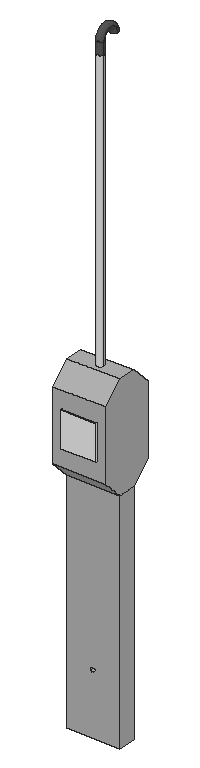
Revit family "MEP-ElectricalEquipment-BIMUCSF-PilarElectrico", category Equipos eléctricos, Revit 2025
Family settings
  Configuración de panel = Dos columnas, circuitos en horizontal
  Cota de conector redondo = Usar diámetro
  Tipo de pieza = Cuadro de control
  Número OmniClass = 23.80.30.11.17
  Título OmniClass = Distribution Boards and Control Panels
  Se basa en plano de trabajo = No
  Siempre vertical = Sí
  Corte con vacíos al cargar = No
  Mantener orientación de anotación = No
  Compartido = No
  Punto de cálculo de habitación = No
Parameters
  built-in parameter 1140142 [instance] = -1
  built-in parameter 1140140 [instance] = 1 (stored number, unit not read)
  built-in parameter 1155100 [instance] = -1
  Default Elevation = 0 mm
Reference planes
  plane 1 "Center (Front/Back)": y = 0
  plane 2: z = 0
  plane 3 "Center (Left/Right)": x = 0
Forms (mm)
  Extrusion 1, solid, material "Concreto"
    sketch origin (0, 0, 0) x (1, 0, 0) y (0, 1, 0)
      loop
        line (-150, 50) -> (-150, -50) -> (150, -50) -> (150, 50) -> (-150, 50)
    from -500 to 800
  Extrusion 2, solid, material "Concreto"
    sketch origin (0, 0, 0) x (0, 1, 0) y (0, 0, 1)
      loop
        line (50, 800) -> (150, 900) -> (150, 1300) -> (50, 1400) -> (-50, 1400) -> (-150, 1300) -> (-150, 900) -> (-50, 800) -> (50, 800)
    from -150 to 150
  Extrusion 3, solid, material "Acero Galvanizado"
    sketch origin (0, 0, 0) x (1, 0, 0) y (0, 1, 0)
      loop
        circle (0, 0) r 20
    from 1400 to 3000
  Extrusion 4, void
    sketch origin (0, 0, 0) x (1, 0, 0) y (0, 0, 1)
      loop
        circle (0, -150) r 12.751
    from 25.221 to 117.935
  Sweep 5, solid, material "Plástico 1"
    path origin (0, 0, 0) x (0, 1, 0) y (0, 0, 1)
      loop
        line (0, 3000) -> (0, 3070)
        arc (0, 3070) -> (50, 3120) -> (100, 3070) r 50
    profile origin (0, 0, 3035) x (0, -1, 0) y (1, 0, 0)
      loop
        circle (0, 0) r 20
  Extrusion 6, solid, material "Metal 1"
    sketch origin (0, 0, 0) x (1, 0, 0) y (0, 0, 1)
      loop
        line (-100, 1200) -> (-100, 1000) -> (100, 1000) -> (100, 1200) -> (-100, 1200)
    from 150 to 156.061
  Extrusion 7, solid, material "Metal 1"
    sketch origin (0, 306.061, 0) x (1, 0, 0) y (0, 0, 1)
      loop
        line (-100, 1247.621) -> (-100, 947.621) -> (100, 947.621) -> (100, 1247.621) -> (-100, 1247.621)
      loop
        line (65, 1212.621) -> (-65, 1212.621) -> (-65, 1017.621) -> (65, 1017.621) -> (65, 1212.621)
    from 150 to 156.061
  Extrusion 8, solid, material "Vidrio 1"
    sketch origin (0, 0, 0) x (1, 0, 0) y (0, 0, 1)
      loop
        line (65, 1212.621) -> (-65, 1212.621) -> (-65, 1017.621) -> (65, 1017.621) -> (65, 1212.621)
    from -156.061 to -150
Cuts and joins
  Extrusion 4 cuts Extrusion 1
Dimensions and locks
  Extrusion 1 sketch curve to plane 1 "Center (Front/Back)" to Extrusion 1 sketch curve = 50 mm, 50 mm
  aligned and locked: level to plane 2
  aligned and locked: Extrusion 2 to Extrusion 1
  aligned and locked: Extrusion 1 to Extrusion 2
  aligned and locked: Extrusion 6 to Extrusion 2
Connectors
  electrical at (0, -25.221, -150)
    settings: on cut or joined group of Extrusion 1, Extrusion 4, index 1, voltage 220 V, apparent load 0 VA, apparent load phase1 0 VA, apparent load phase2 0 VA, apparent load phase3 0 VA, power factor 1, load classification "Otro", number of poles 1, system type 30, power factor state 1, is connector primary yes, connector utility no, sub classification motor no, connector description ""
  cabletrayconduit at (0, -25.221, -150), diameter 25.4
    settings: on cut or joined group of Extrusion 1, Extrusion 4, index 2, connector width 300 mm, connector height 300 mm, connector angle 0.00°, system type 32, placement type 0, profile type 0, connector reference index -1, is primary connector yes, connector utility param no, connector description ""
